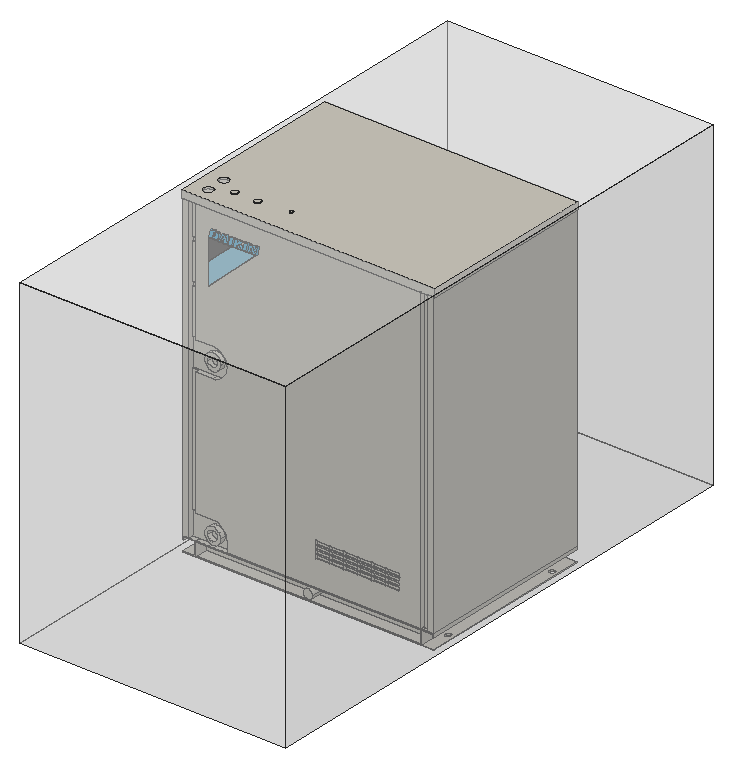
Revit family "outputfile", category 機械設備, Revit 2024
Family settings
  丸型コネクタ寸法 = 半径を使用
  種別 = なし
  パーツ タイプ = 標準
  OmniClass 番号 = 23.75.10.24.21.27.27
  OmniClass タイトル = Split System Air Conditioning Units
  作業面ベース = いいえ
  常に垂直 = はい
  ロード時にボイドで切り取り = いいえ
  注釈の向きを維持 = いいえ
  共有 = いいえ
  部屋計算ポイント = いいえ
Parameters (values of type "RWEYQ8TYM")
  製造元 = "Daikin"
  書き出し IFC クラス(タイプ) = "IfcUnitaryEquipmentType"
  定義済み IFC タイプ(タイプ) = "AIRCONDITIONINGUNIT"
  モデル = "RWEYQ8TYM"
  switch_unit1_6-8 = yes
  switch_unit1_12 = no
  switch_unit1_10 = no
  r_Water Outlet Pipe Connection = Water Outlet Pipe Connection_Unit1 / 2  # 15.9 mm
  r_Water Inlet Pipe Connection = Water Inlet Pipe Connection_Unit1 / 2  # 15.9 mm
  r_HP/LP Gas Pipe Size [instance] = [HP/LP Gas Pipe Size_Unit 1] / 2  # 9.55 mm
  r_Drain Pipe Size = Drain Pipe Size / 2  # 6.35 mm
  lw_Water Outlet = 95.0 mm
  lw_Water Inlet = 95.0 mm
  lw_HP/LP Gas Pipe [instance] = if(Heat Pump, 178.0 mm, 107.0 mm)  # 178.0 mm
  lw_Drain = 390.0 mm
  ld_HP/LP Gas Pipe = 69.0 mm
  h_mountinghole = [h_***] + 2.3 mm  # 2.3 mm
  r_Liquid Pipe Size = Liquid Pipe Size_Unit 1 / 2  # 4.75 mm
  r_Gas Pipe Size = Gas Pipe Size_Unit 1 / 2  # 9.55 mm
  angle_Drain [instance] = if(Rear Connection_Drain, 180.00°, 0.00°)  # 0.00°
  Water Outlet Pipe Connection_Unit1 = 31.8 mm
  Water Inlet Pipe Connection_Unit1 = 31.8 mm
  Voltage_comment_60Hz = "380"
  Voltage_comment_50Hz = "380-415"
  Voltage_60Hz = 380 V
  Voltage_50Hz = 400 V
  Top Connection_powersupply2 [instance] = not(Top Connection_powersupply1)  # no
  Sound Power Level (dB) = 70
  Rear Connection_Drain [instance] = not(Front Connection_Drain)  # no
  Power Input (Heating) = 3.980 kW
  Phase_60Hz = 3
  Phase_50Hz = 3
  Nominal Heating Capacity = 25.000 kW
  Minimum Circuit Amps_60Hz = 13.6 A
  Minimum Circuit Amps_50Hz = 13.6 A
  Maximum Fuse Amps_60Hz = 15.0 A
  Maximum Fuse Amps_50Hz = 15.0 A
  Material_Heat Exchanger = DAIKIN_Blue_HE_outdoorunit
  Material_Casing = DAIKIN_IvoryWhite_Casing_outdoorunit
  lw_powersupply = 51.0 mm
  lw_liquidpipe = 274.0 mm
  lw_gaspipe [instance] = if(Heat Pump, 107.0 mm, 178.0 mm)  # 107.0 mm
  lh_powersupply = 940.0 mm
  ld_powersupply [instance] = if(Top Connection_powersupply1, 38.0 mm, 98.0 mm)  # 38.0 mm
  ld_liquidpipe = 79.0 mm
  ld_gaspipe = 69.0 mm
  h_*** = 0.0 mm
  Width = 780.0 mm
  Version = "ver.1.0"
  Unit Type = ""
  Unit Mass Weight = 146.00 kg
  Unit Designation [instance] = ""
  Uniclass2015Version = "Products v1.30"
  Uniclass2015Title = "Variable refrigerant flow units"
  Uniclass2015Code = "Pr_70_65_03_94"
  Total Cooling Capacity [instance] = 0.000 kW
  Sound Pressure Level (dBA) = 50
  Series = "VRV Heat Recovery"
  Refrigerant_Base Charge = 3.500 kg
  Refrigerant_Additional Charge [instance] = 0.000 kg
  Refrigerant Type = "R410A"
  Power Input (Cooling) = 3.860 kW
  Option Accessory 3 [instance] = ""
  Option Accessory 2 [instance] = ""
  Option Accessory 1 [instance] = ""
  Nominal Cooling Capacity = 22.400 kW
  Load Classification = HVAC
  Liquid Pipe Size_Unit 1 = 9.5 mm
  Link_Nested Family [instance] = ""
  IfcVersion = ""
  IfcExportType = "AIRCONDITIONINGUNIT"
  IfcExportAs = "IfcUnitaryEquipmentType"
  Height = 1000.0 mm
  Heat Recovery [instance] = not(Heat Pump)  # no
  Heat Pump [instance] = yes
  Heat Exchanger Type = "Stainless Steel Plate"
  HP/LP Gas Pipe Size_Unit 1 [instance] = if(and(Heat Pump, [switch_unit1_6-8]), 19.1 mm, if(and(Heat Pump, switch_unit1_10), 22.2 mm, if(and(Heat Pump, switch_unit1_12), 22.2 mm, if(and(Heat Recovery, [switch_unit1_6-8]), 15.9 mm, if(and(Heat Recovery, switch_unit1_10), 19.1 mm, if(and(Heat Recovery, switch_unit1_12), 19.1 mm, 19.1 mm))))))  # 19.1 mm
  Gas Pipe Size_Unit 1 = 19.1 mm
  Top Connection_powersupply1 [instance] = yes
  Front Connection_Drain [instance] = yes
  Frequency_60Hz = 60 Hz
  Frequency_50Hz = 50 Hz
  Drain Pipe Size = 12.7 mm
  Depth = 550.0 mm
  既定の高さ = 0.0 mm
  Cooling Ambient Wet Bulb Temperature [instance] = 0.00 °C
  Cooling Ambient Dry Bulb Temperature [instance] = 0.00 °C
  Compressor Type = "Hermetically Sealed Scroll Type"
  Clearance visibility [instance] = yes
  Clearance Top = 0.0 mm
  Clearance Right = 20.0 mm
  Clearance Rear = 500.0 mm
  Clearance Left = 20.0 mm
  Clearance Front = 600.0 mm
  Clearance Bottom = 0.0 mm
  CU Tag No. [instance] = ""
Reference planes
  plane 1 "Center (Front/Back)": y = 0
  plane 2 "h_***": z = 0
  plane 3 "Center (Left/Right)": x = 0
  plane 4 "Back": y = 275
  plane 5 "Front": y = -275
  plane 6 "Left": x = -390
  plane 7 "Right": x = 390
  plane 8 "Top": z = 1000
  plane 9 "Clearance Rear": y = 775
  plane 10 "Clearance Front": y = -875
  plane 11 "Clearance Left": x = -410
  plane 12 "Clearance Right": x = 410
  plane 13 "Clearance Top": z = 1000
  plane 14 "Clearance Bottom": z = 0
  plane 15 "Bottom": z = 0
  plane 16 "lw_powersupply": x = -339
  plane 17 "ld_powersupply": y = -237
  plane 18 "lw_liquidpipe": x = -116
  plane 19 "Rear Connection_refrigetant": y = -196
  plane 20 "lw_gaspipe": x = -283
  plane 21 "ld_gaspipe": y = -206
  plane 22 "lh_logo": z = 900
  plane 23 "lw_logo": x = 100
  plane 24 "lh_powersupply": z = 940
  plane 25 "lw_HP/LP Gas Pipe": x = -212
  plane 26 "ld_HP/LP Gas Pipe": y = -206
  plane 27 "lw_Water Inlet": x = -295
  plane 28 "lw_Water Outlet": x = -295
  plane 29 "lw_Drain": x = 0
Dimensions and locks
  equal spacing: plane 4 "Back", plane 1 "Center (Front/Back)", plane 5 "Front"
  "Depth": plane 4 "Back" to plane 5 "Front"
  equal spacing: plane 6 "Left", plane 3 "Center (Left/Right)", plane 7 "Right"
  "Width": plane 6 "Left" to plane 7 "Right"
  "Clearance Rear": plane 9 "Clearance Rear" to plane 4 "Back"
  "Clearance Front": plane 10 "Clearance Front" to plane 5 "Front"
  "Clearance Left": plane 11 "Clearance Left" to plane 6 "Left"
  "Clearance Right": plane 7 "Right" to plane 12 "Clearance Right"
  "Clearance Top": plane 13 "Clearance Top" to plane 8 "Top"
  "h_***": plane 15 "Bottom" to plane 2 "h_***"
  "Height": plane 8 "Top" to plane 15 "Bottom"
  "Clearance Bottom": plane 15 "Bottom" to plane 14 "Clearance Bottom"
  "ld_powersupply": plane 17 "ld_powersupply" to plane 5 "Front"
  "ld_liquidpipe": plane 19 "Rear Connection_refrigetant" to plane 5 "Front"
  "ld_gaspipe": plane 21 "ld_gaspipe" to plane 5 "Front"
  locked: plane 23 "lw_logo" to plane 7 "Right" at 290
  locked: plane 22 "lh_logo" to plane 15 "Bottom" at 900
  "lw_gaspipe": plane 6 "Left" to plane 20 "lw_gaspipe"
  "lw_liquidpipe": plane 6 "Left" to plane 18 "lw_liquidpipe"
  "lw_powersupply": plane 6 "Left" to plane 16 "lw_powersupply"
  "lh_powersupply": plane 24 "lh_powersupply" to plane 15 "Bottom"
  "lw_HP/LP Gas Pipe": plane 6 "Left" to plane 25 "lw_HP/LP Gas Pipe"
  "ld_HP/LP Gas Pipe": plane 26 "ld_HP/LP Gas Pipe" to plane 5 "Front"
  "lw_Water Inlet": plane 6 "Left" to plane 27 "lw_Water Inlet"
  "lw_Water Outlet": plane 6 "Left" to plane 28 "lw_Water Outlet"
  "lw_Drain": plane 6 "Left" to plane 29 "lw_Drain"
  aligned and locked: level to plane 2 "h_***"
  aligned and locked: plane 9 "Clearance Rear" to nested 2
  aligned and locked: nested 2 to plane 10 "Clearance Front"
  aligned and locked: plane 11 "Clearance Left" to nested 2
  aligned and locked: plane 12 "Clearance Right" to nested 2
  aligned and locked: plane 13 "Clearance Top" to nested 2
  aligned and locked: plane 14 "Clearance Bottom" to nested 2
  aligned and locked: plane 8 "Top" to nested 1
  aligned and locked: plane 22 "lh_logo" to nested 7
  aligned and locked: nested 8 to plane 16 "lw_powersupply"
  aligned and locked: nested 9 to plane 20 "lw_gaspipe"
  aligned and locked: nested 10 to plane 18 "lw_liquidpipe"
  aligned and locked: nested 10 to plane 19 "Rear Connection_refrigetant"
  aligned and locked: nested 9 to plane 21 "ld_gaspipe"
  aligned and locked: nested 8 to plane 17 "ld_powersupply"
  aligned and locked: plane 5 "Front" to nested 7
  aligned and locked: plane 24 "lh_powersupply" to nested 8
  aligned and locked: plane 1 "Center (Front/Back)" to nested 11
  aligned and locked: plane 27 "lw_Water Inlet" to nested 11
  aligned and locked: plane 1 "Center (Front/Back)" to nested 12
  aligned and locked: plane 28 "lw_Water Outlet" to nested 12
  aligned and locked: plane 1 "Center (Front/Back)" to nested 13
  aligned and locked: plane 29 "lw_Drain" to nested 13
  aligned and locked: plane 25 "lw_HP/LP Gas Pipe" to nested 14
  aligned and locked: nested 14 to plane 26 "ld_HP/LP Gas Pipe"
Nested families
  nested 1: "DAIKIN_outdoorunit_RWEYQ-TYM" at (-31, 0, 0), h_*** <- "h_***", Link_Nest <- "Link_Nested Family", h_mountinghole <- "h_mountinghole", Width <- "Width", type "RWEYQ-TYM"
    with show_fixedhole yes, h_mountinghole 2.3 mm, h_antenna_mountinghole 998.7 mm, h_*** 0.0 mm, array_bolt 5, Width 780.0 mm, Link_Nest "", Heat Recovery no, Heat Pump yes, HP/LP Pipe Size_Unit 1_L 178.0 mm, HP/LP Pipe Size_Unit 1 19.1 mm, Gas Pipe Size_Unit 1_L 107.0 mm
  nested 2: "daikin_clearancespace" at (0, -50, 500.119), visible <- "Clearance visibility", show <- "Clearance visibility", Link_Nested Family <- "Link_Nested Family", type "daikin_clearancespace"
    with width 820.0 mm, show yes, height 1000.0 mm, depth 1650.0 mm, Link_Nested Family ""
  nested 3: "daikin_mountinghole" at (-372, 200, 0), type "daikin_mountinghole"
    with show yes, l_antenna 998.7 mm, h_mountinghole 2.3 mm, Link_Nested Family ""
  nested 4: "daikin_mountinghole" at (372, 200, 0), type "daikin_mountinghole"
    with show yes, l_antenna 998.7 mm, h_mountinghole 2.3 mm, Link_Nested Family ""
  nested 5: "daikin_mountinghole" at (-372, -200, 0), type "daikin_mountinghole"
    with show yes, l_antenna 998.7 mm, h_mountinghole 2.3 mm, Link_Nested Family ""
  nested 6: "daikin_mountinghole" at (372, -200, 0), type "daikin_mountinghole"
    with show yes, l_antenna 998.7 mm, h_mountinghole 2.3 mm, Link_Nested Family ""
  nested 7: "daikin_logo_elevation_w150" at (-212.5, -275, 744.568), type "daikin_logo_elevation_w150"
    with show_logo yes
  nested 8: "daikin_connector_rotate3" at (-339, -237, 940) x (-1, 0, 0) z (0, 0, -1), type "daikin_connector_rotate3"
    with show no, radius 10.0 mm, length 60.0 mm, angle_vertical 0.00°, angle_horizontal 0.00°
  nested 9: "daikin_connector_rotate3" at (-283, -206, 940) x (-1, 0, 0) z (0, 0, -1), radius <- "r_Gas Pipe Size", type "daikin_connector_rotate3"
    with show no, radius 9.55 mm, length 60.0 mm, angle_vertical 0.00°, angle_horizontal 0.00°
  nested 10: "daikin_connector_rotate3" at (-116, -196, 940) x (-1, 0, 0) z (0, 0, -1), radius <- "r_Liquid Pipe Size", type "daikin_connector_rotate3"
    with show no, radius 4.75 mm, length 60.0 mm, angle_vertical 0.00°, angle_horizontal 0.00°
  nested 11: "daikin_connector_rotate3" at (-295, 0, 76), radius <- "r_Water Inlet Pipe Connection", type "daikin_connector_rotate3"
    with show no, radius 15.9 mm, length 275.0 mm, angle_vertical 90.00°, angle_horizontal 0.00°
  nested 12: "daikin_connector_rotate3" at (-295, 0, 556), radius <- "r_Water Outlet Pipe Connection", type "daikin_connector_rotate3"
    with show no, radius 15.9 mm, length 275.0 mm, angle_vertical 90.00°, angle_horizontal 0.00°
  nested 13: "daikin_connector_rotate3" at (0, 0, 19), radius <- "r_Drain Pipe Size", angle_horizontal <- "angle_Drain", type "daikin_connector_rotate3"
    with show no, radius 6.35 mm, length 275.0 mm, angle_vertical 90.00°, angle_horizontal 0.00°
  nested 14: "daikin_connector_rotate3" at (-212, -206, 940) x (1, 0, 0) z (0, 0, -1), radius <- "r_HP/LP Gas Pipe Size", type "daikin_connector_rotate3"
    with show no, radius 9.55 mm, length 60.0 mm, angle_vertical 0.00°, angle_horizontal 0.00°
Connectors
  piping at (-116, -196, 1000), diameter 9.5, driven by "r_Liquid Pipe Size"
    settings: on nested 10, index 12, connector inside diameter 609.6 mm, connector length 0.0 mm, flow factor 0, pipe flow 0.00 m³/h, pressure drop 0.0 Pa, fitting loss kfactor 0, connector angle 0.00°, fixture units 0, engagement length 0.0 mm, angle of deflection 0.00°, flow configuration 0, flow direction 2, fitting loss method 0, system type 29, joint type 0, gender type 0, connector reference index -1, connector utility 0, adjustable connector no, is connector primary no, connector description "Refrigerant Liquid Piping"
  electrical at (-339, -237, 1000), driven by "Load Classification"
    settings: on nested 8, index 13, voltage 0 V, apparent load 0 VA, apparent load phase1 0 VA, apparent load phase2 0 VA, apparent load phase3 0 VA, power factor 1, load classification "HVAC", number of poles 1, system type 30, power factor state 1, is connector primary yes, connector utility no, sub classification motor no, connector description "Power Supply"
  piping at (-295, -275, 76), diameter 31.8, driven by "r_Water Inlet Pipe Connection"
    settings: on nested 11, index 15, connector inside diameter 609.6 mm, connector length 0.0 mm, flow factor 0, pipe flow 0.00 m³/h, pressure drop 0.0 Pa, fitting loss kfactor 0, connector angle 0.00°, fixture units 0, engagement length 0.0 mm, angle of deflection 0.00°, flow configuration 1, flow direction 1, fitting loss method 0, system type 7, joint type 0, gender type 0, connector reference index -1, connector utility 0, adjustable connector no, is connector primary no, connector description "Cooling Water Inlet  Piping"
  piping at (-295, -275, 556), diameter 31.8, driven by "r_Water Outlet Pipe Connection"
    settings: on nested 12, index 16, connector inside diameter 609.6 mm, connector length 0.0 mm, flow factor 0, pipe flow 0.00 m³/h, pressure drop 0.0 Pa, fitting loss kfactor 0, connector angle 0.00°, fixture units 0, engagement length 0.0 mm, angle of deflection 0.00°, flow configuration 1, flow direction 2, fitting loss method 0, system type 8, joint type 0, gender type 0, connector reference index -1, connector utility 0, adjustable connector no, is connector primary no, connector description "Cooling Water Outlet Piping"
  piping at (0, -275, 19), diameter 12.7, driven by "r_Drain Pipe Size"
    settings: on nested 13, index 17, connector inside diameter 609.6 mm, connector length 0.0 mm, flow factor 0, pipe flow 0.00 m³/h, pressure drop 0.0 Pa, fitting loss kfactor 0, connector angle 0.00°, fixture units 0, engagement length 0.0 mm, angle of deflection 0.00°, flow configuration 1, flow direction 2, fitting loss method 4, system type 16, joint type 0, gender type 0, connector reference index -1, connector utility 0, adjustable connector no, is connector primary no, connector description "Condensate Drain Piping"
  piping at (-212, -206, 1000), diameter 19.1, driven by "r_HP/LP Gas Pipe Size"
    settings: on nested 14, index 19, connector inside diameter 609.6 mm, connector length 0.0 mm, flow factor 0, pipe flow 0.00 m³/h, pressure drop 0.0 Pa, fitting loss kfactor 0, connector angle 0.00°, fixture units 0, engagement length 0.0 mm, angle of deflection 0.00°, flow configuration 0, flow direction 0, fitting loss method 0, system type 29, joint type 0, gender type 0, connector reference index -1, connector utility 0, adjustable connector no, is connector primary no, connector description "Refrigerant HP/LP Gas Piping"
  piping at (-283, -206, 1000), diameter 19.1, driven by "r_Gas Pipe Size"
    settings: on nested 9, index 20, connector inside diameter 609.6 mm, connector length 0.0 mm, flow factor 0, pipe flow 0.00 m³/h, pressure drop 0.0 Pa, fitting loss kfactor 0, connector angle 0.00°, fixture units 0, engagement length 0.0 mm, angle of deflection 0.00°, flow configuration 0, flow direction 1, fitting loss method 0, system type 29, joint type 0, gender type 0, connector reference index -1, connector utility 0, adjustable connector no, is connector primary yes, connector description "Refrigerant Gas Piping"
Definition of nested family "DAIKIN_outdoorunit_RWEYQ-TYM"
  Parameters (values of type "RWEYQ-TYM")
    w_wiremesh_right = 668.0 mm  # constant formula
    w_wiremesh_left = 590.0 mm  # constant formula
    w_wiremesh_front = 248.0 mm  # constant formula
    switch_unit1_6-8 = yes
    switch_unit1_12 = no
    switch_unit1_10 = no
    show_fixedhole [instance] = yes
    material_heatexchanger = none
    material_casing = none
    ld_hole1_bottom = 154.0 mm  # constant formula
    h_wiremesh = 900.0 mm  # constant formula
    h_mountinghole [instance] = 2.3 mm
    h_antenna_mountinghole [instance] = Height + 1.0 mm - 2.3 mm  # 998.7 mm
    h_*** [instance] = 0.0 mm
    array_bolt [instance] = 5
    Width [instance] = 780.0 mm
    Liquid Pipe Size_Unit 1 = if([switch_unit1_6-8], 9.5 mm, if(switch_unit1_10, 9.5 mm, if(switch_unit1_12, 12.7 mm, 9.5 mm)))  # 9.5 mm
    Link_Nest [instance] = ""
    Height = 1000.0 mm
    Heat Recovery = not(Heat Pump)  # yes
    Heat Pump = no
    HP/LP Pipe Size_Unit 1_L = if(Heat Pump, 178.0 mm, 107.0 mm)  # 107.0 mm
    HP/LP Pipe Size_Unit 1 = if(Heat Recovery, if([switch_unit1_6-8], 15.9 mm, if(switch_unit1_10, 19.1 mm, if(switch_unit1_12, 19.1 mm, 15.9 mm))), if([switch_unit1_6-8], 19.1 mm, if(switch_unit1_10, 22.2 mm, if(switch_unit1_12, 22.2 mm, 19.1 mm))))  # 15.9 mm
    Gas Pipe Size_Unit 1_L = if(Heat Pump, 107.0 mm, 178.0 mm)  # 178.0 mm
    Gas Pipe Size_Unit 1_H = 60.0 mm  # constant formula
    Gas Pipe Size_Unit 1 = if([switch_unit1_6-8], 19.1 mm, if(switch_unit1_10, 22.2 mm, if(switch_unit1_12, 22.2 mm, 19.1 mm)))  # 19.1 mm
    Depth = 550.0 mm
    Default Elevation = 0.0 mm
  Reference planes
    plane 1 "Center (Front/Back)": y = 0
    plane 2 "reference_level": z = 0
    plane 3 "Center (Left/Right)": x = 31
    plane 4 "Bottom": z = 0
    plane 5: x = 421
    plane 6: x = -359
    plane 7 "Back": y = 275
    plane 8 "Front": y = -275
    plane 9: z = 1000
    plane 10: z = 976
    plane 11: y = -255
    plane 12: y = 255
    plane 13: x = -337
    plane 14: x = 399
    plane 15: x = -341
    plane 16: z = 45
    plane 17: x = 403
    plane 18: y = 200
    plane 19: y = -200
    plane 20: z = 1060
    plane 21: z = 19
    plane 22: z = 1000
    plane 23: z = 940
  Forms (mm)
    Extrusion 1, solid, material <- "material_heatexchanger"
      sketch origin (0, 0, 0) x (1, 0, 0) y (0, 1, 0)
        loop
          line (-337, 255) -> (-337, -255) -> (399, -255) -> (399, 255) -> (-337, 255)
      from 54 to 976
    Extrusion 2, void
      sketch origin (0, 350, 0) x (1, 0, 0) y (0, 1, 0)
        loop
          circle (-341, -150) r 8.5
        loop
          circle (403, -150) r 8.5
        loop
          circle (403, -550) r 8.5
        loop
          circle (-341, -550) r 8.5
      from 0 to 29.064
    Extrusion 3, solid, material <- "material_casing"
      sketch origin (620, -305, 0) x (-1, 0, 0) y (0, 0, 1)
        loop
          line (204.3, 35.061) -> (204.3, 42.7) -> (239.7, 42.7) -> (239.7, 2.3) -> (201, 2.3) -> (201, 0) -> (242, 0) -> (242, 45) -> (201, 45) -> (201, 35.061) -> (204.3, 35.061)
        loop
          line (973.7, 35.061) -> (977, 35.061) -> (977, 45) -> (936, 45) -> (936, 0) -> (977, 0) -> (977, 2.3) -> (938.3, 2.3) -> (938.3, 42.7) -> (973.7, 42.7) -> (973.7, 35.061)
      from 30 to 580
    Extrusion 4, solid, material <- "material_casing"
      sketch origin (31, 0, 0) x (0, 1, 0) y (0, 0, 1)
        loop
          line (-275, 45) -> (-275, 42.7) -> (-236.3, 42.7) -> (-236.3, 2.3) -> (-275, 2.3) -> (-275, 0) -> (-234, 0) -> (-234, 45) -> (-275, 45)
        loop
          line (275, 45) -> (234, 45) -> (234, 0) -> (275, 0) -> (275, 2.3) -> (236.3, 2.3) -> (236.3, 42.7) -> (275, 42.7) -> (275, 45)
      from -347 to 347
    Extrusion 5, solid, material <- "material_casing"
      sketch origin (0, 0, 0) x (1, 0, 0) y (0, 1, 0)
        loop
          circle (-85, -196) r 4.75
        loop
          circle (-252, -206) r 7.95
      from 940 to 1000
    Extrusion 6, solid, material <- "material_casing"
      sketch origin (-663.497, -190, 1200) x (-1, 0, 0) y (0, 0, 1)
        loop
          circle (-694.497, -1181) r 14
      from -85 to -46.3
    Extrusion 7, solid, material <- "material_casing"
      sketch origin (-663.497, 230, 1200) x (-1, 0, 0) y (0, 0, 1)
        loop
          circle (-694.497, -1181) r 14
      from 6.3 to 45
    Extrusion 8, solid, material <- "material_casing"
      sketch origin (0, -500, 0) x (1, 0, 0) y (0, 1, 0)
        loop
          circle (-181, 294) r 9.55
      from 940 to 1000
  Cuts and joins
    Extrusion 2 cuts Extrusion 3
  Dimensions and locks
    equal spacing: plane 6, plane 3 "Center (Left/Right)", plane 5
    "Width": plane 6 to plane 5
    locked: plane 9 to plane 10 at 24
    "Depth": plane 8 "Front" to plane 7 "Back"
    equal spacing: plane 7 "Back", plane 1 "Center (Front/Back)", plane 8 "Front"
    locked: plane 12 to plane 7 "Back" at 20
    locked: plane 11 to plane 8 "Front" at 20
    locked: plane 6 to plane 13 at 22
    locked: plane 14 to plane 5 at 22
    locked: plane 6 to plane 15 at 18
    "h_***": plane 4 "Bottom" to plane 2 "reference_level"
    locked: plane 16 to plane 4 "Bottom" at 45
    "Height": plane 9 to plane 4 "Bottom"
    locked: plane 5 to Extrusion 3 sketch curve at 2  (x2)
    locked: Extrusion 3 sketch curve to Extrusion 3 sketch curve at 41  (x2)
    locked: Extrusion 3 sketch curve to Extrusion 3 sketch curve at 3.3  (x2)
    locked: Extrusion 3 sketch curve to plane 6 at 2  (x2)
    locked: plane 8 "Front" to Extrusion 4 sketch curve at 41
    locked: Extrusion 4 sketch curve to plane 7 "Back" at 41
    locked: plane 17 to plane 5 at 18
    plane 19 to plane 8 "Front" = 75.0 mm
    locked: plane 18 to plane 7 "Back" at 75
    locked: Extrusion 5 sketch curve to plane 8 "Front" at 79
    locked: plane 6 to Extrusion 5 sketch curve at 274
    "HP/LP Pipe Size_Unit 1_L": plane 6 to Extrusion 5 sketch curve
    locked: Extrusion 5 sketch curve to plane 8 "Front" at 69
    locked: plane 20 to plane 9 at 60
    locked: plane 21 to plane 4 "Bottom" at 19
    locked: plane 8 "Front" to Extrusion 8 sketch curve at 69
    "Gas Pipe Size_Unit 1_L": plane 6 to Extrusion 8 sketch curve
    "Gas Pipe Size_Unit 1_H": plane 20 to plane 22
    locked: plane 22 to plane 23 at 60
    "HP/LP Pipe Size_Unit 1": diameter of Extrusion 5 sketch curve
    "Liquid Pipe Size_Unit 1": diameter of Extrusion 5 sketch curve
    "Gas Pipe Size_Unit 1": diameter of Extrusion 8 sketch curve
    aligned and locked: level to plane 2 "reference_level"
    aligned and locked: plane 12 to Extrusion 1 sketch curve
    aligned and locked: plane 11 to Extrusion 1 sketch curve
    aligned and locked: plane 13 to Extrusion 1 sketch curve
    aligned and locked: plane 14 to Extrusion 1 sketch curve
    aligned and locked: plane 10 to Extrusion 1
    aligned and locked: plane 11 to nested 1
    aligned and locked: plane 10 to nested 4
    aligned and locked: nested 5 to plane 9
    aligned and locked: plane 10 to nested 3
    aligned and locked: plane 10 to nested 2
    aligned and locked: plane 13 to nested 4
    aligned and locked: plane 14 to nested 2
    aligned and locked: plane 12 to nested 3
    aligned and locked: plane 15 to nested 7
    aligned and locked: plane 15 to nested 9
    aligned and locked: plane 8 "Front" to nested 5
    aligned and locked: plane 6 to nested 5
    aligned and locked: plane 10 to nested 1
    aligned and locked: plane 13 to nested 1
    aligned and locked: nested 2 to plane 1 "Center (Front/Back)"
    aligned and locked: nested 3 to plane 3 "Center (Left/Right)"
    aligned and locked: plane 1 "Center (Front/Back)" to nested 4
    aligned and locked: nested 6 to plane 3 "Center (Left/Right)"
    aligned and locked: plane 1 "Center (Front/Back)" to nested 6
    aligned and locked: plane 16 to Extrusion 3 sketch curve
    aligned and locked: Extrusion 3 sketch curve to plane 4 "Bottom"
    aligned and locked: Extrusion 3 sketch curve to plane 16
    aligned and locked: plane 4 "Bottom" to Extrusion 3 sketch curve
    aligned and locked: Extrusion 3 to plane 7 "Back"
    aligned and locked: Extrusion 3 to plane 8 "Front"
    aligned and locked: plane 8 "Front" to Extrusion 4 sketch curve  (x2)
    aligned and locked: plane 4 "Bottom" to Extrusion 4 sketch curve
    aligned and locked: Extrusion 4 sketch curve to plane 16
    aligned and locked: Extrusion 4 sketch curve to plane 7 "Back"  (x2)
    aligned and locked: plane 18 to Extrusion 2 sketch curve  (x2)
    aligned and locked: plane 15 to Extrusion 2 sketch curve  (x2)
    aligned and locked: plane 17 to Extrusion 2 sketch curve  (x2)
    aligned and locked: plane 17 to nested 8
    aligned and locked: plane 18 to nested 8
    aligned and locked: plane 18 to nested 7
    aligned and locked: nested 7 to plane 15
    aligned and locked: nested 9 to plane 19
    aligned and locked: nested 9 to plane 15
    aligned and locked: nested 10 to plane 19
    aligned and locked: plane 17 to nested 10
    aligned and locked: plane 19 to Extrusion 2 sketch curve  (x2)
    aligned and locked: plane 3 "Center (Left/Right)" to Extrusion 6 sketch curve
    aligned and locked: plane 21 to Extrusion 6 sketch curve
    aligned and locked: plane 22 to Extrusion 8
    aligned and locked: Extrusion 8 to plane 23
    aligned and locked: Extrusion 5 to plane 23
    aligned and locked: Extrusion 5 to plane 22
  Automatic sketch dimensions
    Extrusion 3 sketch curve to Extrusion 3 sketch curve = 2.3 mm  (x2)
    level to Extrusion 3 sketch curve = 2.3 mm  (x2)
    Extrusion 3 sketch curve to plane 16 = 9.939 mm  (x2)
    Extrusion 3 sketch curve to plane 16 = 2.3 mm  (x2)
    Extrusion 4 sketch curve to level = 0.0 mm
    Extrusion 4 sketch curve to plane 16 = 0.0 mm
    Extrusion 4 sketch curve to Extrusion 4 sketch curve = 2.3 mm  (x2)
    level to Extrusion 4 sketch curve = 2.3 mm  (x2)
    Extrusion 4 sketch curve to plane 16 = 2.3 mm  (x2)
    Extrusion 7 sketch curve to plane 3 "Center (Left/Right)" = 0.0 mm
    Extrusion 7 sketch curve to plane 21 = 0.0 mm
    radius of Extrusion 2 sketch curve = 8.5 mm  (x4)
    radius of Extrusion 6 sketch curve = 14.0 mm
    radius of Extrusion 7 sketch curve = 14.0 mm
  Nested families
    nested 1: "outdoorunit_frontpanel" at (-337, -265, 45), material <- "material_casing", type "frontpanel1"
      with material none
    nested 2: "outdoorunit_rightpanel1" at (409, -275, 45) x (0, 1, 0) z (0, 0, 1), material <- "material_casing", type "frontpanel1"
      with material none
    nested 3: "outdoorunit_backpanel" at (399, 265, 45) x (-1, 0, 0) z (0, 0, 1), material <- "material_casing", type "frontpanel1"
      with material none
    nested 4: "outdoorunit_leftpanel" at (-347, 275, 45) x (0, -1, 0) z (0, 0, 1), material <- "material_casing", type "frontpanel1"
      with material none
    nested 5: "outdoorunit_uppanel" at (-359, -275, 988) x (1, 0, 0) z (0, 1, 0), material <- "material_casing", type "frontpanel1"
      with material none
    nested 6: "outdoorunit_downpanel" at (399, 255, 56) x (-1, 0, 0) z (0, -1, 0), material <- "material_casing", type "frontpanel1"
      with material none
    nested 7: "daikin_mountinghole" at (-341, 200, 0), visible <- "show_fixedhole", Link_Nested Family <- "Link_Nest", l_antenna <- "h_antenna_mountinghole", h_mountinghole <- "h_mountinghole", type "daikin_mountinghole"
      with show yes, l_antenna 998.7 mm, h_mountinghole 2.3 mm, Link_Nested Family ""
    nested 8: "daikin_mountinghole" at (403, 200, 0), visible <- "show_fixedhole", Link_Nested Family <- "Link_Nest", l_antenna <- "h_antenna_mountinghole", h_mountinghole <- "h_mountinghole", type "daikin_mountinghole"
      with show yes, l_antenna 998.7 mm, h_mountinghole 2.3 mm, Link_Nested Family ""
    nested 9: "daikin_mountinghole" at (-341, -200, 0), visible <- "show_fixedhole", Link_Nested Family <- "Link_Nest", l_antenna <- "h_antenna_mountinghole", h_mountinghole <- "h_mountinghole", type "daikin_mountinghole"
      with show yes, l_antenna 998.7 mm, h_mountinghole 2.3 mm, Link_Nested Family ""
    nested 10: "daikin_mountinghole" at (403, -200, 0), visible <- "show_fixedhole", Link_Nested Family <- "Link_Nest", l_antenna <- "h_antenna_mountinghole", h_mountinghole <- "h_mountinghole", type "daikin_mountinghole"
      with show yes, l_antenna 998.7 mm, h_mountinghole 2.3 mm, Link_Nested Family ""
  Definition of nested family "outdoorunit_frontpanel"
    Parameters (values of type "frontpanel1")
      width = 736.0 mm
      material [instance] = none
      height1 = 931.0 mm
      depth = 20.0 mm
      Default Elevation = 0.0 mm
    Reference planes
      plane 1 "Center (Front/Back)": y = 0
      plane 2 "Bottom": z = 0
      plane 3: x = 0
      plane 4 "Back": y = 10
      plane 5 "Front": y = -10
      plane 6: x = 736
      plane 7 "Top": z = 931
      plane 8 "Left": x = 0
      plane 9 "Center L/S": y = 5
      plane 10 "Center L/T": y = -5
    Forms (mm)
      Extrusion 1, solid, material <- "material"
        sketch origin (0, 0, 0) x (1, 0, 0) y (0, 1, 0)
          loop
            line (0, 10) -> (0, -10) -> (736, -10) -> (736, 10) -> (0, 10)
        from 0 to 931
      Extrusion 2, void
        sketch origin (0, 0, 0) x (1, 0, 0) y (0, 0, 1)
          loop
            line (0, 931) -> (0, 0) -> (21, 0) -> (21, 931) -> (0, 931)
          loop
            line (736, 931) -> (715, 931) -> (715, 0) -> (736, 0) -> (736, 931)
        from 0 to 250
      Extrusion 3, void
        sketch origin (0, 0, 0) x (1, 0, 0) y (0, 0, 1)
          loop
            line (2, 931) -> (-33, 931) -> (-33, -14) -> (118, -14) -> (118, 31)
            arc (118, 31) -> (104.82, 62.82) -> (73, 76) r 45
            line (73, 76) -> (2, 76) -> (2, 466) -> (73, 466)
            arc (73, 466) -> (118, 511) -> (73, 556) r 45
            line (73, 556) -> (2, 556) -> (2, 692) -> (10.5, 692)
            arc (10.5, 692) -> (18, 699.5) -> (10.5, 707) r 7.5
            line (10.5, 707) -> (2, 707) -> (2, 817) -> (10.5, 817)
            arc (10.5, 817) -> (18, 824.5) -> (10.5, 832) r 7.5
            line (10.5, 832) -> (2, 832) -> (2, 931)
        from -5 to 250
      Extrusion 4, void
        sketch origin (0, 0, 0) x (1, 0, 0) y (0, 0, 1)
          loop
            line (734, 931) -> (734, 0) -> (972.161, 0) -> (972.161, 931) -> (734, 931)
        from -5 to 250
      Extrusion 5, solid, material <- "material"
        sketch origin (0, 0, 0) x (1, 0, 0) y (0, 0, 1)
          loop
            circle (73, 511) r 25
          loop
            circle (73, 511) r 15.5
          loop
            circle (73, 31) r 25
          loop
            circle (73, 31) r 15.5
        from -5 to 10
      Extrusion 6, void
        sketch origin (0, 0, 0) x (1, 0, 0) y (0, 0, 1)
          loop
            line (390.8, 131) -> (390.8, 118.75) -> (433.5, 118.75) -> (433.5, 131) -> (390.8, 131)
          loop
            line (390.8, 80) -> (433.5, 80) -> (433.5, 92.25) -> (390.8, 92.25) -> (390.8, 80)
          loop
            line (390.8, 117.75) -> (390.8, 106) -> (433.5, 106) -> (433.5, 117.75) -> (390.8, 117.75)
          loop
            line (390.8, 105) -> (390.8, 93.25) -> (433.5, 93.25) -> (433.5, 105) -> (390.8, 105)
          loop
            line (476.7, 131) -> (434.5, 131) -> (434.5, 118.75) -> (476.7, 118.75) -> (476.7, 131)
          loop
            line (434.5, 80) -> (476.7, 80) -> (476.7, 92.25) -> (434.5, 92.25) -> (434.5, 80)
          loop
            line (434.5, 117.75) -> (434.5, 106) -> (476.7, 106) -> (476.7, 117.75) -> (434.5, 117.75)
          loop
            line (434.5, 105) -> (434.5, 93.25) -> (476.7, 93.25) -> (476.7, 105) -> (434.5, 105)
          loop
            line (519.9, 131) -> (477.7, 131) -> (477.7, 118.75) -> (519.9, 118.75) -> (519.9, 131)
          loop
            line (477.7, 80) -> (519.9, 80) -> (519.9, 92.25) -> (477.7, 92.25) -> (477.7, 80)
          loop
            line (477.7, 117.75) -> (477.7, 106) -> (519.9, 106) -> (519.9, 117.75) -> (477.7, 117.75)
          loop
            line (477.7, 105) -> (477.7, 93.25) -> (519.9, 93.25) -> (519.9, 105) -> (477.7, 105)
          loop
            line (563.1, 131) -> (520.9, 131) -> (520.9, 118.75) -> (563.1, 118.75) -> (563.1, 131)
          loop
            line (520.9, 80) -> (563.1, 80) -> (563.1, 92.25) -> (520.9, 92.25) -> (520.9, 80)
          loop
            line (520.9, 117.75) -> (520.9, 106) -> (563.1, 106) -> (563.1, 117.75) -> (520.9, 117.75)
          loop
            line (520.9, 105) -> (520.9, 93.25) -> (563.1, 93.25) -> (563.1, 105) -> (520.9, 105)
          loop
            line (606.3, 131) -> (564.1, 131) -> (564.1, 118.75) -> (606.3, 118.75) -> (606.3, 131)
          loop
            line (564.1, 80) -> (606.3, 80) -> (606.3, 92.25) -> (564.1, 92.25) -> (564.1, 80)
          loop
            line (564.1, 117.75) -> (564.1, 106) -> (606.3, 106) -> (606.3, 117.75) -> (564.1, 117.75)
          loop
            line (564.1, 105) -> (564.1, 93.25) -> (606.3, 93.25) -> (606.3, 105) -> (564.1, 105)
          loop
            line (650, 131) -> (607.3, 131) -> (607.3, 118.75) -> (650, 118.75) -> (650, 131)
          loop
            line (607.3, 80) -> (650, 80) -> (650, 92.25) -> (607.3, 92.25) -> (607.3, 80)
          loop
            line (607.3, 117.75) -> (607.3, 106) -> (650, 106) -> (650, 117.75) -> (607.3, 117.75)
          loop
            line (607.3, 105) -> (607.3, 93.25) -> (650, 93.25) -> (650, 105) -> (607.3, 105)
        from 5 to 250
    Cuts and joins
      Extrusion 2, Extrusion 3, Extrusion 4, Extrusion 6 cuts Extrusion 1
    Dimensions and locks
      equal spacing: plane 4 "Back", plane 1 "Center (Front/Back)", plane 5 "Front"
      "depth": plane 4 "Back" to plane 5 "Front"
      "width": plane 8 "Left" to plane 6
      "height1": plane 7 "Top" to plane 2 "Bottom"
      locked: plane 8 "Left" to Extrusion 2 sketch curve at 21
      locked: Extrusion 2 sketch curve to plane 6 at 21
      locked: plane 9 "Center L/S" to plane 1 "Center (Front/Back)" at 5
      locked: Extrusion 3 sketch curve to Extrusion 3 sketch curve at 15  (x2)
      locked: plane 7 "Top" to Extrusion 3 sketch curve at 99
      locked: Extrusion 3 sketch curve to plane 8 "Left" at 10.5
      locked: Extrusion 3 sketch curve to Extrusion 3 sketch curve at 125
      locked: Extrusion 3 sketch curve to Extrusion 3 sketch curve at 90  (x2)
      locked: Extrusion 3 sketch curve to plane 8 "Left" at 73
      locked: Extrusion 3 sketch curve to Extrusion 3 sketch curve at 136
      locked: Extrusion 3 sketch curve to plane 2 "Bottom" at 76
      locked: Extrusion 3 sketch curve to Extrusion 3 sketch curve at 390
      locked: plane 6 to Extrusion 4 sketch curve at 2
      locked: plane 10 "Center L/T" to plane 1 "Center (Front/Back)" at 5
      aligned and locked: level to plane 2 "Bottom"
      aligned and locked: plane 8 "Left" to Extrusion 1 sketch curve
      aligned and locked: Extrusion 1 sketch curve to plane 4 "Back"
      aligned and locked: plane 5 "Front" to Extrusion 1 sketch curve
      aligned and locked: Extrusion 1 to plane 2 "Bottom"
      aligned and locked: plane 7 "Top" to Extrusion 1
      aligned and locked: plane 3 to plane 8 "Left"
      aligned and locked: plane 8 "Left" to Extrusion 2 sketch curve
      aligned and locked: Extrusion 2 sketch curve to plane 7 "Top"
      aligned and locked: plane 2 "Bottom" to Extrusion 2 sketch curve
      aligned and locked: Extrusion 2 sketch curve to plane 2 "Bottom"
      aligned and locked: plane 6 to Extrusion 2 sketch curve
      aligned and locked: plane 7 "Top" to Extrusion 2 sketch curve
      aligned and locked: Extrusion 2 to plane 1 "Center (Front/Back)"
      aligned and locked: plane 9 "Center L/S" to Extrusion 3
      aligned and locked: Extrusion 4 sketch curve to plane 7 "Top"
      aligned and locked: plane 2 "Bottom" to Extrusion 4 sketch curve
      aligned and locked: Extrusion 4 to plane 9 "Center L/S"
      aligned and locked: Extrusion 5 to plane 5 "Front"
      aligned and locked: plane 9 "Center L/S" to Extrusion 5
      aligned and locked: Extrusion 6 to plane 10 "Center L/T"
    Automatic sketch dimensions
      Extrusion 1 sketch curve to plane 6 = 0.0 mm
      Extrusion 3 sketch curve to plane 7 "Top" = 0.0 mm
      plane 3 to Extrusion 3 sketch curve = 2.0 mm  (x4)
      plane 3 to Extrusion 3 sketch curve = 10.5 mm
      Extrusion 3 sketch curve to Extrusion 3 sketch curve = 71.0 mm
      level to Extrusion 3 sketch curve = 31.0 mm
      Extrusion 3 sketch curve to plane 3 = 33.0 mm
      plane 6 to Extrusion 4 sketch curve = 236.161 mm
      Extrusion 5 sketch curve to Extrusion 5 sketch curve = 0.0 mm  (x4)
      plane 3 to Extrusion 5 sketch curve = 73.0 mm  (x2)
      level to Extrusion 5 sketch curve = 31.0 mm
      Extrusion 5 sketch curve to plane 7 "Top" = 420.0 mm
      level to Extrusion 6 sketch curve = 131.0 mm
      Extrusion 6 sketch curve to plane 6 = 345.2 mm
      Extrusion 6 sketch curve to Extrusion 6 sketch curve = 0.0 mm  (x40)
      Extrusion 6 sketch curve to Extrusion 6 sketch curve = 42.7 mm  (x2)
      Extrusion 6 sketch curve to Extrusion 6 sketch curve = 1.0 mm  (x32)
      Extrusion 6 sketch curve to Extrusion 6 sketch curve = 42.2 mm  (x4)
      Extrusion 6 sketch curve to Extrusion 6 sketch curve = 12.25 mm  (x7)
      Extrusion 6 sketch curve to Extrusion 6 sketch curve = 11.75 mm  (x9)
      radius of Extrusion 5 sketch curve = 25.0 mm  (x2)
      radius of Extrusion 5 sketch curve = 15.5 mm  (x2)
  Definition of nested family "outdoorunit_rightpanel1"
    Parameters (values of type "frontpanel1")
      width = 550.0 mm
      material [instance] = none
      height1 = 931.0 mm
      depth = 20.0 mm
      Default Elevation = 0.0 mm
    Reference planes
      plane 1 "Center (Front/Back)": y = 0
      plane 2 "Bottom": z = 0
      plane 3: x = 0
      plane 4 "Back": y = 10
      plane 5 "Front": y = -10
      plane 6: x = 550
      plane 7 "Top": z = 931
      plane 8 "Left": x = 0
      plane 9: y = -8.75
      plane 10: z = 639
      plane 11: y = -5.75
      plane 12: y = -2.551
      plane 13: y = -13
      plane 14: x = 275
    Forms (mm)
      Extrusion 1, solid, material <- "material"
        sketch origin (0, 0, 0) x (1, 0, 0) y (0, 1, 0)
          loop
            line (0, 10) -> (0, -10) -> (550, -10) -> (550, 10) -> (0, 10)
        from 0 to 931
    Dimensions and locks
      equal spacing: plane 4 "Back", plane 1 "Center (Front/Back)", plane 5 "Front"
      "depth": plane 4 "Back" to plane 5 "Front"
      "width": plane 8 "Left" to plane 6
      "height1": plane 7 "Top" to plane 2 "Bottom"
      locked: plane 10 to plane 2 "Bottom" at 639
      locked: plane 12 to plane 11 at 3.199
      plane 5 "Front" to plane 13 = 3.0 mm
      equal spacing: plane 8 "Left", plane 14, plane 6
      aligned and locked: level to plane 2 "Bottom"
      aligned and locked: plane 8 "Left" to Extrusion 1 sketch curve
      aligned and locked: Extrusion 1 sketch curve to plane 4 "Back"
      aligned and locked: plane 5 "Front" to Extrusion 1 sketch curve
      aligned and locked: Extrusion 1 to plane 2 "Bottom"
      aligned and locked: plane 7 "Top" to Extrusion 1
      aligned and locked: plane 3 to plane 8 "Left"
    Automatic sketch dimensions
      Extrusion 1 sketch curve to plane 6 = 0.0 mm
  Definition of nested family "outdoorunit_backpanel"
    Parameters (values of type "frontpanel1")
      width = 736.0 mm
      material [instance] = none
      height1 = 931.0 mm
      depth = 20.0 mm
      Default Elevation = 0.0 mm
    Reference planes
      plane 1 "Center (Front/Back)": y = 0
      plane 2 "Bottom": z = 0
      plane 3: x = 0
      plane 4 "Back": y = 10
      plane 5 "Front": y = -10
      plane 6: x = 736
      plane 7 "Top": z = 931
      plane 8 "Left": x = 0
      plane 9: z = 639
      plane 10: x = 368
    Forms (mm)
      Extrusion 1, solid, material <- "material"
        sketch origin (0, 0, 0) x (1, 0, 0) y (0, 1, 0)
          loop
            line (0, 10) -> (0, -10) -> (736, -10) -> (736, 10) -> (0, 10)
        from 0 to 931
      Extrusion 2, void
        sketch origin (0, 0, 0) x (1, 0, 0) y (0, 1, 0)
          loop
            line (0, -4) -> (0, -10) -> (21, -10) -> (21, -7) -> (2, -7) -> (2, -4) -> (0, -4)
          loop
            line (736, -4) -> (734, -4) -> (734, -7) -> (715, -7) -> (715, -10) -> (736, -10) -> (736, -4)
        from 0 to 931
    Cuts and joins
      Extrusion 2 cuts Extrusion 1
    Dimensions and locks
      equal spacing: plane 4 "Back", plane 1 "Center (Front/Back)", plane 5 "Front"
      "depth": plane 4 "Back" to plane 5 "Front"
      "width": plane 8 "Left" to plane 6
      "height1": plane 7 "Top" to plane 2 "Bottom"
      locked: plane 9 to plane 2 "Bottom" at 639
      equal spacing: plane 8 "Left", plane 10, plane 6
      aligned and locked: level to plane 2 "Bottom"
      aligned and locked: plane 8 "Left" to Extrusion 1 sketch curve
      aligned and locked: Extrusion 1 sketch curve to plane 4 "Back"
      aligned and locked: plane 5 "Front" to Extrusion 1 sketch curve
      aligned and locked: Extrusion 1 to plane 2 "Bottom"
      aligned and locked: plane 7 "Top" to Extrusion 1
      aligned and locked: plane 3 to plane 8 "Left"
    Automatic sketch dimensions
      Extrusion 1 sketch curve to plane 6 = 0.0 mm
      Extrusion 2 sketch curve to plane 3 = 0.0 mm
      Extrusion 2 sketch curve to plane 5 "Front" = 0.0 mm  (x2)
      Extrusion 2 sketch curve to plane 6 = 0.0 mm
      plane 3 to Extrusion 2 sketch curve = 2.0 mm
      Extrusion 2 sketch curve to Extrusion 2 sketch curve = 19.0 mm
      Extrusion 2 sketch curve to Extrusion 2 sketch curve = 21.0 mm
      Extrusion 2 sketch curve to plane 6 = 2.0 mm
      Extrusion 2 sketch curve to Extrusion 2 sketch curve = 3.0 mm  (x4)
  Definition of nested family "outdoorunit_leftpanel"
    Parameters (values of type "frontpanel1")
      width = 550.0 mm
      material [instance] = none
      height1 = 931.0 mm
      depth = 20.0 mm
      Default Elevation = 0.0 mm
    Reference planes
      plane 1 "Center (Front/Back)": y = 0
      plane 2 "Bottom": z = 0
      plane 3: x = 0
      plane 4 "Back": y = 10
      plane 5 "Front": y = -10
      plane 6: x = 550
      plane 7 "Top": z = 931
      plane 8 "Left": x = 0
      plane 9: y = -8.75
      plane 10: z = 639
      plane 11: y = -5.75
      plane 12: y = -2.551
      plane 13: y = -13
      plane 14: x = 275
    Forms (mm)
      Extrusion 1, solid, material <- "material"
        sketch origin (0, 0, 0) x (1, 0, 0) y (0, 1, 0)
          loop
            line (0, 10) -> (0, -10) -> (550, -10) -> (550, 10) -> (0, 10)
        from 0 to 931
    Dimensions and locks
      equal spacing: plane 4 "Back", plane 1 "Center (Front/Back)", plane 5 "Front"
      "depth": plane 4 "Back" to plane 5 "Front"
      "width": plane 8 "Left" to plane 6
      "height1": plane 7 "Top" to plane 2 "Bottom"
      locked: plane 10 to plane 2 "Bottom" at 639
      locked: plane 12 to plane 11 at 3.199
      plane 5 "Front" to plane 13 = 3.0 mm
      equal spacing: plane 8 "Left", plane 14, plane 6
      aligned and locked: level to plane 2 "Bottom"
      aligned and locked: plane 8 "Left" to Extrusion 1 sketch curve
      aligned and locked: Extrusion 1 sketch curve to plane 4 "Back"
      aligned and locked: plane 5 "Front" to Extrusion 1 sketch curve
      aligned and locked: Extrusion 1 to plane 2 "Bottom"
      aligned and locked: plane 7 "Top" to Extrusion 1
      aligned and locked: plane 3 to plane 8 "Left"
    Automatic sketch dimensions
      Extrusion 1 sketch curve to plane 6 = 0.0 mm
  Definition of nested family "outdoorunit_uppanel"
    Parameters (values of type "frontpanel1")
      width = 780.0 mm
      material [instance] = none
      height1 = 550.0 mm
      depth = 24.0 mm
      Default Elevation = 0.0 mm
    Reference planes
      plane 1 "Center (Front/Back)": y = 0
      plane 2 "Bottom": z = 0
      plane 3: x = 0
      plane 4 "Back": y = 12
      plane 5 "Front": y = -12
      plane 6: x = 780
      plane 7 "Top": z = 550
      plane 8 "Left": x = 0
      plane 9: y = -8.75
      plane 10: z = 639
      plane 11: y = -5.75
      plane 12: y = -2.551
    Forms (mm)
      Extrusion 1, solid, material <- "material"
        sketch origin (0, 0, 0) x (1, 0, 0) y (0, 1, 0)
          loop
            line (0, 12) -> (0, -12) -> (780, -12) -> (780, 12) -> (0, 12)
        from 0 to 550
      Extrusion 2, void
        sketch origin (0, 0, 0) x (1, 0, 0) y (0, 0, 1)
          loop
            circle (51, 38) r 14.5
          loop
            circle (51, 98) r 14.5
        from 9 to 12
    Cuts and joins
      Extrusion 2 cuts Extrusion 1
    Dimensions and locks
      equal spacing: plane 4 "Back", plane 1 "Center (Front/Back)", plane 5 "Front"
      "depth": plane 4 "Back" to plane 5 "Front"
      "width": plane 8 "Left" to plane 6
      "height1": plane 7 "Top" to plane 2 "Bottom"
      locked: plane 10 to plane 2 "Bottom" at 639
      locked: Extrusion 2 sketch curve to plane 8 "Left" at 51  (x2)
      locked: Extrusion 2 sketch curve to level at 38
      locked: Extrusion 2 sketch curve to Extrusion 2 sketch curve at 60
      aligned and locked: level to plane 2 "Bottom"
      aligned and locked: plane 8 "Left" to Extrusion 1 sketch curve
      aligned and locked: Extrusion 1 sketch curve to plane 4 "Back"
      aligned and locked: Extrusion 1 sketch curve to plane 5 "Front"
      aligned and locked: Extrusion 1 to plane 2 "Bottom"
      aligned and locked: plane 7 "Top" to Extrusion 1
      aligned and locked: plane 3 to plane 8 "Left"
    Automatic sketch dimensions
      Extrusion 1 sketch curve to plane 6 = 0.0 mm
      radius of Extrusion 2 sketch curve = 14.5 mm  (x2)
  Definition of nested family "outdoorunit_downpanel"
    Parameters (values of type "frontpanel1")
      width = 736.0 mm
      material [instance] = none
      height1 = 510.0 mm
      depth = 20.0 mm
      Default Elevation = 0.0 mm
    Reference planes
      plane 1 "Center (Front/Back)": y = 0
      plane 2 "Bottom": z = 0
      plane 3: x = 0
      plane 4 "Back": y = 10
      plane 5 "Front": y = -10
      plane 6: x = 736
      plane 7 "Top": z = 510
      plane 8 "Left": x = 0
      plane 9: z = 255
      plane 10: y = -18
      plane 11: y = 6
      plane 12: y = 8
      plane 13: x = 368
    Forms (mm)
      Extrusion 1, solid, material <- "material"
        sketch origin (0, 0, 0) x (1, 0, 0) y (0, 1, 0)
          loop
            line (0, 10) -> (0, -10) -> (736, -10) -> (736, 10) -> (0, 10)
        from 0 to 510
    Dimensions and locks
      equal spacing: plane 4 "Back", plane 1 "Center (Front/Back)", plane 5 "Front"
      "depth": plane 4 "Back" to plane 5 "Front"
      "width": plane 8 "Left" to plane 6
      "height1": plane 7 "Top" to plane 2 "Bottom"
      plane 4 "Back" to plane 11 = 4.0 mm
      plane 4 "Back" to plane 12 = 2.0 mm
      equal spacing: plane 8 "Left", plane 13, plane 6
      equal spacing: plane 7 "Top", plane 9, plane 2 "Bottom"
      aligned and locked: level to plane 2 "Bottom"
      aligned and locked: plane 8 "Left" to Extrusion 1 sketch curve
      aligned and locked: Extrusion 1 sketch curve to plane 4 "Back"
      aligned and locked: plane 5 "Front" to Extrusion 1 sketch curve
      aligned and locked: Extrusion 1 to plane 2 "Bottom"
      aligned and locked: plane 7 "Top" to Extrusion 1
      aligned and locked: plane 3 to plane 8 "Left"
    Automatic sketch dimensions
      Extrusion 1 sketch curve to plane 6 = 0.0 mm
  Definition of nested family "daikin_mountinghole"
    Parameters (values of type "daikin_mountinghole")
      Default Elevation = 1219.2 mm
      Type Comments = "mountinghole"
      show [instance] = yes
      material = none
      l_centerline = 100.0 mm
      l_antenna [instance] = 100.0 mm
      h_mountinghole [instance] = 0.0 mm
      d_circle = 30.0 mm
      Link_Nested Family [instance] = ""
    Reference planes
      plane 1 "Center (Front/Back)": y = 0
      plane 2: z = 0
      plane 3 "Center (Left/Right)": x = 0
      plane 4: y = 50
      plane 5: x = -50
      plane 6: x = 50
      plane 7: y = -50
      plane 8 "h_mountinghole": z = 0
      plane 9: z = 100
    Lines and regions (mm)
      model lines, detail levels fine
        curve 1: circle (0, 0, 0) r 15 normal (0, 0, 1)
        curve 2: line (-50, 0, 0) -> (50, 0, 0)
        curve 3: line (0, 50, 0) -> (0, -50, 0)
      symbolic lines, detail levels fine
        curve 4: circle (0, 0, 0) r 15 normal (0, 0, 1)
        curve 5: line (-50, 0, 0) -> (50, 0, 0)
        curve 6: line (0, 50, 0) -> (0, -50, 0)
      model lines
        curve 7: line (0, 0, 100) -> (0, 0, 0)
    Dimensions and locks
      equal spacing: plane 4, plane 1 "Center (Front/Back)", plane 7
      "l_centerline": plane 4 to plane 7
      equal spacing: plane 5, plane 3 "Center (Left/Right)", plane 6
      "l_centerline": plane 5 to plane 6
      "l_antenna": plane 9 to plane 8 "h_mountinghole"
      "h_mountinghole": plane 8 "h_mountinghole" to plane 2
      "d_circle": diameter of curve 1
      "d_circle": diameter of curve 4
      aligned and locked: level to plane 2
      aligned and locked: plane 1 "Center (Front/Back)" to curve 1
      aligned and locked: plane 3 "Center (Left/Right)" to curve 1
      aligned and locked: plane 1 "Center (Front/Back)" to curve 2
      aligned and locked: curve 3 to plane 3 "Center (Left/Right)"
      aligned and locked: plane 6 to curve 2
      aligned and locked: plane 5 to curve 2
      aligned and locked: plane 4 to curve 3
      aligned and locked: plane 7 to curve 3
      aligned and locked: plane 1 "Center (Front/Back)" to curve 4
      aligned and locked: plane 3 "Center (Left/Right)" to curve 4
      aligned and locked: plane 6 to curve 5
      aligned and locked: plane 5 to curve 5
      aligned and locked: plane 1 "Center (Front/Back)" to curve 5
      aligned and locked: plane 4 to curve 6
      aligned and locked: plane 7 to curve 6
      aligned and locked: curve 6 to plane 3 "Center (Left/Right)"
      aligned and locked: curve 7 to plane 3 "Center (Left/Right)"
      aligned and locked: plane 9 to curve 7
      aligned and locked: plane 8 "h_mountinghole" to curve 7
Definition of nested family "daikin_clearancespace"
  Parameters (values of type "daikin_clearancespace")
    Description = "daikin_clearancespace"
    width [instance] = 1823.963 mm
    show [instance] = yes
    material = none
    height [instance] = 1359.762 mm
    depth [instance] = 880.0 mm
    Default Elevation = 0.0 mm
    Link_Nested Family [instance] = ""
  Reference planes
    plane 1 "Center (Front/Back)": y = 0
    plane 2 "Center (Elevation)": z = -0.119
    plane 3 "Center (Left/Right)": x = 0
    plane 4: y = 440
    plane 5: y = -440
    plane 6 "Right": x = 911.982
    plane 7 "Left": x = -911.982
    plane 8 "Top": z = 679.762
    plane 9 "Bottom": z = -680
  Forms (mm)
    Extrusion 1, solid, material <- "material", visible <- "show"
      sketch origin (0, 0, 0) x (1, 0, 0) y (0, 1, 0)
        loop
          line (-911.982, 440) -> (-911.982, -440) -> (911.982, -440) -> (911.982, 440) -> (-911.982, 440)
      from -680 to 679.762
  Lines and regions (mm)
    symbolic lines, visible <- "show"
      curve 1: line (911.982, 440, 0) -> (-911.982, 440, 0)
      curve 2: line (-911.982, 440, 0) -> (-911.982, -440, 0)
      curve 3: line (-911.982, -440, 0) -> (911.982, -440, 0)
      curve 4: line (911.982, -440, 0) -> (911.982, 440, 0)
      curve 5: line (911.982, 0, 679.762) -> (-911.982, 0, 679.762)
      curve 6: line (911.982, 0, -680) -> (911.982, 0, 679.762)
      curve 7: line (-911.982, 0, -680) -> (911.982, 0, -680)
      curve 8: line (-911.982, 0, 679.762) -> (-911.982, 0, -680)
      curve 9: line (0, 440, 679.762) -> (0, -440, 679.762)
      curve 10: line (0, -440, 679.762) -> (0, -440, -680)
      curve 11: line (0, 440, -680) -> (0, 440, 679.762)
      curve 12: line (0, -440, -680) -> (0, 440, -680)
  Dimensions and locks
    "width": plane 7 "Left" to plane 6 "Right"
    "depth": plane 4 to plane 5
    "height": plane 8 "Top" to plane 9 "Bottom"
    equal spacing: plane 7 "Left", plane 3 "Center (Left/Right)", plane 6 "Right"
    equal spacing: plane 4, plane 1 "Center (Front/Back)", plane 5
    equal spacing: plane 8 "Top", plane 2 "Center (Elevation)", plane 9 "Bottom"
    aligned and locked: level to plane 2 "Center (Elevation)"
    aligned and locked: Extrusion 1 sketch curve to plane 4
    aligned and locked: plane 7 "Left" to Extrusion 1 sketch curve
    aligned and locked: Extrusion 1 sketch curve to plane 5
    aligned and locked: Extrusion 1 sketch curve to plane 6 "Right"
    aligned and locked: plane 8 "Top" to Extrusion 1
    aligned and locked: curve 1 to Extrusion 1
    aligned and locked: curve 2 to Extrusion 1
    aligned and locked: curve 3 to Extrusion 1
    aligned and locked: curve 4 to Extrusion 1
    aligned and locked: curve 5 to Extrusion 1
    aligned and locked: curve 6 to Extrusion 1
    aligned and locked: curve 7 to Extrusion 1
    aligned and locked: curve 8 to Extrusion 1
    aligned and locked: curve 9 to Extrusion 1
    aligned and locked: curve 10 to Extrusion 1
    aligned and locked: curve 11 to Extrusion 1
    aligned and locked: curve 12 to Extrusion 1
    aligned and locked: Extrusion 1 to plane 9 "Bottom"
Definition of nested family "daikin_logo_elevation_w150"
  Parameters (values of type "daikin_logo_elevation_w150")
    width = 150.0 mm
    show_logo [instance] = yes
    material = none
    height = 180.0 mm
    depth = 5.0 mm
    Default Elevation = 0.0 mm
  Reference planes
    plane 1 "Center (Front/Back)": y = 0
    plane 2: z = 0
    plane 3 "Center (Left/Right)": x = 0
    plane 4 "top": z = 180
    plane 5: z = 155.432
    plane 6 "left": x = -90
    plane 7 "right": x = 60
    plane 8: y = -5
  Forms (mm)
    Extrusion 1, solid, visible <- "show_logo"
      sketch origin (0, 0, 0) x (1, 0, 0) y (0, 0, 1)
        loop
          line (-90, 22.832) -> (54.211, 155.432) -> (-19.804, 155.432) -> (-90, 91.131) -> (-90, 22.832)
      from 0 to 5
    Extrusion 2, solid, visible <- "show_logo"
      sketch origin (0, 0, 0) x (1, 0, 0) y (0, 0, 1)
        loop
          line (-90, 155.432) -> (-90, 91.131) -> (-19.804, 155.432) -> (-90, 155.432)
      from 0 to 5
    Extrusion 3, solid, visible <- "show_logo"
      sketch origin (0, 0, 0) x (1, 0, 0) y (0, 0, 1)
        loop
          line (-73.294, 180) -> (-84.431, 180) -> (-90, 157.726) -> (-73.294, 157.726)
          arc (-73.294, 157.726) -> (-66.673, 159.069) -> (-61.582, 163.51) r 13.209
          arc (-61.582, 163.51) -> (-59.344, 169.288) -> (-60.109, 175.436) r 12.685
          arc (-60.109, 175.436) -> (-61.683, 177.678) -> (-64.031, 179.088) r 6.606
          arc (-64.031, 179.088) -> (-68.629, 179.878) -> (-73.294, 180) r 32.396
        loop
          line (-78.863, 162.18) -> (-74.408, 162.18)
          arc (-74.408, 162.18) -> (-70.986, 164.473) -> (-69.002, 168.082) r 8.708
          arc (-69.002, 168.082) -> (-68.734, 170.84) -> (-69.386, 173.533) r 8.337
          arc (-69.386, 173.533) -> (-70.358, 174.487) -> (-71.624, 174.988) r 3.442
          line (-71.624, 174.988) -> (-76.078, 174.988) -> (-78.863, 162.18)
        loop
          line (-61.043, 157.726) -> (-54.918, 157.726) -> (-52.829, 161.624) -> (-44.059, 161.624) -> (-43.223, 157.726) -> (-33.2, 157.726) -> (-37.655, 180) -> (-48.792, 180) -> (-61.043, 157.726)
        loop
          line (-50.145, 166.635) -> (-45.133, 166.635) -> (-46.565, 173.318) -> (-50.145, 166.635)
        loop
          line (-24.847, 180) -> (-30.416, 157.726) -> (-20.949, 157.726) -> (-15.38, 180) -> (-24.847, 180)
        loop
          line (-15.38, 157.726) -> (-5.914, 157.726) -> (-4.4, 163.779) -> (0.212, 157.726) -> (11.906, 157.726) -> (2.996, 169.42) -> (15.804, 180) -> (5.78, 180) -> (-1.94, 173.623) -> (-0.345, 180) -> (-9.812, 180) -> (-15.38, 157.726)
        loop
          line (20.259, 180) -> (14.133, 157.726) -> (24.157, 157.726) -> (29.725, 180) -> (20.259, 180)
        loop
          line (29.725, 157.726) -> (36.408, 157.726) -> (39.555, 170.315) -> (43.647, 157.726) -> (54.784, 157.726) -> (60.353, 180) -> (53.671, 180) -> (50.281, 166.442) -> (45.874, 180) -> (35.294, 180) -> (29.725, 157.726)
      from 0 to 5
  Dimensions and locks
    "height": plane 4 "top" to plane 2
    locked: plane 4 "top" to plane 5 at 24.568
    "width": plane 6 "left" to plane 7 "right"
    "depth": plane 8 to plane 1 "Center (Front/Back)"
    aligned and locked: level to plane 2
    aligned and locked: plane 4 "top" to Extrusion 3  (x8)
    aligned and locked: plane 5 to Extrusion 1
    aligned and locked: plane 5 to Extrusion 2
    aligned and locked: plane 6 "left" to Extrusion 2
    aligned and locked: plane 6 "left" to Extrusion 1
    aligned and locked: Extrusion 3 to plane 8
    aligned and locked: Extrusion 1 to plane 8
    aligned and locked: Extrusion 2 to plane 8
  Automatic sketch dimensions
    level to Extrusion 1 sketch curve = 22.832 mm
    Extrusion 1 sketch curve to Extrusion 1 sketch curve = 68.298 mm
    Extrusion 1 sketch curve to plane 4 "top" = 24.568 mm
    Extrusion 1 sketch curve to plane 3 "Center (Left/Right)" = 19.804 mm
    Extrusion 2 sketch curve to plane 4 "top" = 24.568 mm
    Extrusion 2 sketch curve to plane 3 "Center (Left/Right)" = 19.804 mm
    Extrusion 2 sketch curve to Extrusion 2 sketch curve = 64.302 mm
    Extrusion 3 sketch curve to plane 4 "top" = 0.0 mm  (x8)
    Extrusion 3 sketch curve to plane 4 "top" = 0.912 mm
    Extrusion 3 sketch curve to Extrusion 3 sketch curve = 2.154 mm
    Extrusion 3 sketch curve to Extrusion 3 sketch curve = 6.245 mm
    Extrusion 3 sketch curve to plane 4 "top" = 4.564 mm
    Extrusion 3 sketch curve to Extrusion 3 sketch curve = 5.748 mm
    Extrusion 3 sketch curve to Extrusion 3 sketch curve = 2.001 mm
    Extrusion 3 sketch curve to Extrusion 3 sketch curve = 4.603 mm
    Extrusion 3 sketch curve to Extrusion 3 sketch curve = 0.59 mm
    Extrusion 3 sketch curve to Extrusion 3 sketch curve = 0.07 mm
    Extrusion 3 sketch curve to Extrusion 3 sketch curve = 1.49 mm
    Extrusion 3 sketch curve to plane 4 "top" = 5.012 mm
    Extrusion 3 sketch curve to Extrusion 3 sketch curve = 3.556 mm
    Extrusion 3 sketch curve to Extrusion 3 sketch curve = 5.569 mm  (x3)
    Extrusion 3 sketch curve to Extrusion 3 sketch curve = 0.309 mm
    Extrusion 3 sketch curve to Extrusion 3 sketch curve = 4.455 mm  (x4)
    Extrusion 3 sketch curve to Extrusion 3 sketch curve = 0.288 mm
    Extrusion 3 sketch curve to Extrusion 3 sketch curve = 0.689 mm
    Extrusion 3 sketch curve to Extrusion 3 sketch curve = 2.238 mm
    Extrusion 3 sketch curve to Extrusion 3 sketch curve = 4.528 mm
    Extrusion 3 sketch curve to Extrusion 3 sketch curve = 0.658 mm
    Extrusion 3 sketch curve to Extrusion 3 sketch curve = 2.931 mm
    Extrusion 3 sketch curve to Extrusion 3 sketch curve = 0.357 mm
    Extrusion 3 sketch curve to Extrusion 3 sketch curve = 0.101 mm
    Extrusion 3 sketch curve to Extrusion 3 sketch curve = 11.317 mm
    Extrusion 3 sketch curve to Extrusion 3 sketch curve = 0.539 mm
    Extrusion 3 sketch curve to Extrusion 3 sketch curve = 11.137 mm  (x2)
    Extrusion 3 sketch curve to Extrusion 3 sketch curve = 5.784 mm
    Extrusion 3 sketch curve to Extrusion 3 sketch curve = 10.024 mm  (x3)
    Extrusion 3 sketch curve to Extrusion 3 sketch curve = 0.835 mm
